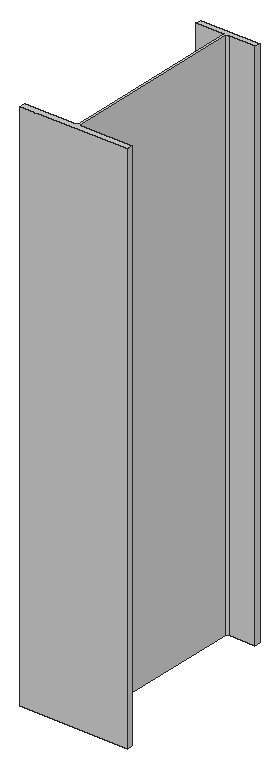
Revit family "d2ddcd2ae2294e15999d2ad94d5924ff", category Structural Columns, Revit 2021
Family settings
  Section Shape = Not Defined
  Material for Model Behavior = Steel
  Always export as geometry = No
  Beam cutback in plan = From bounding box
  OmniClass Number = 23.25.30.11.14.11
  OmniClass Title = Columns
  Seek Item ID = WRF-Welded Reduced Flange-Column-0000-USA-ENU
  Cut with Voids When Loaded = No
  Symbolic Representation = From Project Settings
  Shared = No
  Show family pre-cut in plan views = Yes
Parameters (values of type "WRF39x185")
  bf_t = 0' - 11 207/256"
  W = 185
  Structural Material [instance] = Steel ASTM A992
  Assembly Code = "B10"
  bf_b = 1' - 9 83/128"
  d = 3' - 3 95/256"
  k = 0' - 0 9/16"
  kr = k - (tw / 2)  # 0' - 0.36523"
  tf = 0' - 1 23/128"
  tw = 0' - 0 101/256"
  A = 54.72 in²
Reference planes (in)
  plane 1: y = 0
  plane 2: z = 0
  plane 3: x = 0
  plane 4: x = -10.82422
  plane 5: x = 10.82422
  plane 6: y = 19.68555
  plane 7: y = -19.68555
  plane 8: x = -0.15625
  plane 9: x = 0.15625
  plane 10: x = -5.9043
  plane 11: x = 5.9043
Forms (in)
  Extrusion 1, solid, material "Steel ASTM A992" <- "Structural Material", detail levels medium
    sketch origin (0, 0, 0) x (1, 0, 0) y (0, 1, 0)
      loop
        line (-5.9043, 19.68555) -> (-5.9043, 18.50586) -> (-0.19727, 18.50586) -> (-0.19727, -18.50586) -> (-10.82422, -18.50586) -> (-10.82422, -19.68555) -> (10.82422, -19.68555) -> (10.82422, -18.50586) -> (0.19727, -18.50586) -> (0.19727, 18.50586) -> (5.9043, 18.50586) -> (5.9043, 19.68555) -> (-5.9043, 19.68555)
    from 0 to 108
  Extrusion 2, solid, material "Steel ASTM A992" <- "Structural Material", detail levels fine
    sketch origin (0, 0, 0) x (1, 0, 0) y (0, 1, 0)
      loop
        line (-5.9043, 19.68555) -> (-5.9043, 18.50586) -> (-0.5625, 18.50586)
        arc (-0.5625, 18.50586) -> (-0.30424, 18.39888) -> (-0.19727, 18.14062) r 0.36523
        line (-0.19727, 18.14062) -> (-0.19727, -18.14062)
        arc (-0.19727, -18.14062) -> (-0.30424, -18.39888) -> (-0.5625, -18.50586) r 0.36523
        line (-0.5625, -18.50586) -> (-10.82422, -18.50586) -> (-10.82422, -19.68555) -> (10.82422, -19.68555) -> (10.82422, -18.50586) -> (0.5625, -18.50586)
        arc (0.5625, -18.50586) -> (0.30424, -18.39888) -> (0.19727, -18.14062) r 0.36523
        line (0.19727, -18.14062) -> (0.19727, 18.14062)
        arc (0.19727, 18.14062) -> (0.30424, 18.39888) -> (0.5625, 18.50586) r 0.36523
        line (0.5625, 18.50586) -> (5.9043, 18.50586) -> (5.9043, 19.68555) -> (-5.9043, 19.68555)
    from 0 to 108
Lines and regions (in)
  symbolic lines, style "StructuralColumnStickSymbols", detail levels coarse
    curve 1: line (-5.9043, 19.68555, 0) -> (5.9043, 19.68555, 0)
    curve 2: line (-10.82422, -19.68555, 0) -> (10.82422, -19.68555, 0)
    curve 3: line (0, 19.68555, 0) -> (0, -19.68555, 0)
  symbolic lines, style "Hidden Faces", detail levels medium+fine
    curve 4: line (-0.15625, 0, 0) -> (-0.15625, 0, 108)
    curve 5: line (0.15625, 0, 108) -> (0.15625, 0, 0)
Dimensions and locks (in)
  equal spacing: plane 4, plane 3, plane 5
  equal spacing: plane 7, plane 1, plane 6
  "d": plane 7 to plane 6
  "bf_b": plane 4 to plane 5
  "tf": plane 7 to Extrusion 1 sketch curve
  "tf": Extrusion 1 sketch curve to plane 6
  equal spacing: Extrusion 1 sketch curve, plane 3, Extrusion 1 sketch curve
  "tw": Extrusion 1 sketch curve to Extrusion 1 sketch curve
  "bf_t": plane 10 to plane 11
  equal spacing: plane 10, plane 3, plane 11
  "kr": radius of Extrusion 2 sketch curve  (x4)
  aligned and locked: plane 6 to Extrusion 1 sketch curve
  aligned and locked: Extrusion 1 sketch curve to plane 7
  aligned and locked: Extrusion 1 sketch curve to plane 4
  aligned and locked: plane 5 to Extrusion 1 sketch curve
  aligned and locked: Extrusion 1 sketch curve to Extrusion 1 sketch curve  (x2)
  aligned and locked: level to Extrusion 1
  aligned and locked: level to plane 2
  aligned and locked: Extrusion 1 to plane 2
  aligned and locked: plane 6 to Extrusion 2 sketch curve
  aligned and locked: Extrusion 2 sketch curve to Extrusion 1  (x6)
  aligned and locked: Extrusion 2 sketch curve to plane 7
  aligned and locked: plane 5 to Extrusion 2 sketch curve
  aligned and locked: Extrusion 2 sketch curve to plane 4
  aligned and locked: level to Extrusion 2
  aligned and locked: Extrusion 2 to level
  aligned and locked: Extrusion 2 sketch curve to plane 10
  aligned and locked: plane 11 to Extrusion 2 sketch curve
  aligned and locked: Extrusion 1 sketch curve to plane 10
  aligned and locked: plane 11 to Extrusion 1 sketch curve
  aligned and locked: plane 10 to curve 1
  aligned and locked: plane 11 to curve 1
Automatic sketch dimensions
  curve 2 to plane 4 = 0' - 0"
  curve 3 to plane 3 = 0' - 0"
  curve 2 to plane 5 = 0' - 0"
  curve 3 to plane 7 = 0' - 0"
  curve 3 to plane 6 = 0' - 0"
  curve 4 to level = 0' - 0"  (x2)
  curve 4 to plane 8 = 0' - 0"
  curve 5 to level = 0' - 0"  (x2)
  curve 5 to plane 9 = 0' - 0"
